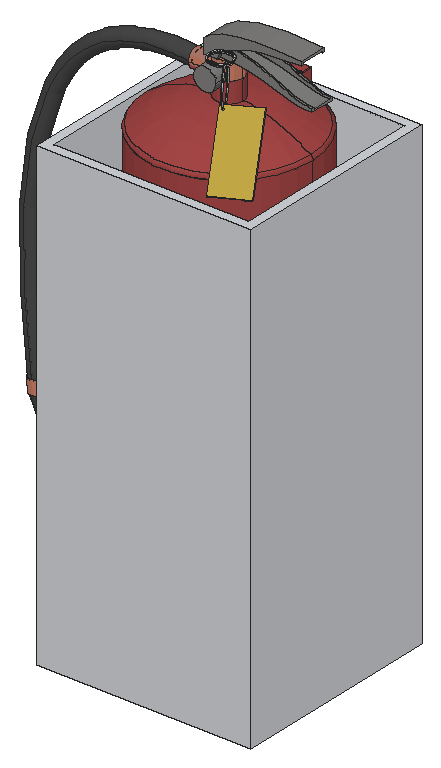
Revit family "Огнетушитель", category Оборудование, Revit 2017
Family settings
  Размер круглого соединителя = Использовать диаметр
  Тип детали = Нормальный
  На основе рабочей плоскости = Нет
  Всегда вертикально = Да
  При загрузке вырезать с полостями = Нет
  Общий = Нет
  Точка расчета площади = Нет
Parameters (values of type "Тип")
  Общ_Тип, марка = ""
  Общ_Примечание КР [instance] = ""
  Общ_Примечание АР [instance] = ""
  Общ_Примечание = ""
  Общ_Поставщик = ""
  Общ_Позиция = ""
  Общ_Наименование = "Огнетушитель углекислотный, 10л"
  Общ_Масса = ""
  Общ_Код продукции = ""
  Общ_Единицы измерения = "шт."
  Keynote = ""
  Model = ""
Reference planes
  plane 1 "По центру (Вперед/Назад)": y = 0
  plane 2: z = 0
  plane 3 "По центру (Влево/Вправо)": x = 0
  plane 4: z = 510
  plane 5: z = 540
Forms (mm)
  Revolve 1, solid, material "Paint_Red Glossy_ Fire Extinguisher"
    sketch origin (0, 0, -590) x (1, 0, 0) y (0, 0, 1)
      loop
        line (-90, 1097.109) -> (-90, 632.824)
        arc (-90, 632.824) -> (-89.862, 632.128) -> (-89.467, 631.538) r 1.819
        line (-89.467, 631.538) -> (-87.879, 629.95)
        arc (-87.879, 629.95) -> (-87.293, 628.536) -> (-87.879, 627.121) r 2
        line (-87.879, 627.121) -> (-89.707, 625.293)
        arc (-89.707, 625.293) -> (-89.924, 624.968) -> (-90, 624.586) r 1
        line (-90, 624.586) -> (-90, 600) -> (0, 600) -> (0, 1130)
        arc (0, 1130) -> (-46.302, 1123.641) -> (-87.661, 1101.875) r 135
        arc (-87.661, 1101.875) -> (-89.384, 1099.764) -> (-90, 1097.109) r 6.026
      axis (0, 600) -> (0, 1130)
    angle from 0 to 360
  Extrusion 2, solid, material "Paint_Red Glossy_ Fire Extinguisher"
    sketch origin (0, 0, -590) x (1, 0, 0) y (0, 1, 0)
      loop
        circle (0, 0) r 15
    from 1127.973 to 1150.648
  Extrusion 3, solid, material "Steel", detail levels fine
    sketch origin (0, 0, -594.405) x (1, 0, 0) y (0, 0, 1)
      loop
        line (-15, 1174.567) -> (0, 1174.567)
        spline (0, 1174.567) -> (1.015, 1178.161) -> (3.209, 1181.486) -> (6.583, 1184.543) -> (11.135, 1187.332) -> (16.867, 1189.853) -> (23.777, 1192.105) -> (31.867, 1194.089) -> (41.135, 1195.805) -> (51.583, 1197.253) -> (63.209, 1198.433) -> (76.015, 1199.344) -> (90, 1199.987)
        line (90, 1199.987) -> (90, 1203.784)
        spline (90, 1203.784) -> (75.98, 1204.535) -> (62.919, 1204.94) -> (50.815, 1205) -> (39.67, 1204.715) -> (29.483, 1204.084) -> (20.254, 1203.108) -> (11.983, 1201.787) -> (4.67, 1200.12) -> (-1.685, 1198.108) -> (-7.081, 1195.751) -> (-11.52, 1193.048) -> (-15, 1190)
        line (-15, 1190) -> (-15, 1174.567)
    from -15.076 to 15.073
  Extrusion 4, void
    sketch origin (0, 0, -590) x (1, 0, 0) y (0, 0, 1)
      loop
        line (-13, 1184.299) -> (-13, 1170.162) -> (90, 1170.162) -> (90, 1197.399)
        spline (90, 1197.399) -> (76.077, 1198.144) -> (63.114, 1198.546) -> (51.115, 1198.605) -> (40.08, 1198.323) -> (30.013, 1197.701) -> (20.916, 1196.739) -> (12.792, 1195.44) -> (5.649, 1193.813) -> (-0.501, 1191.866) -> (-5.653, 1189.614) -> (-9.815, 1187.082) -> (-13, 1184.299)
    from -13.076 to 13.073
  Extrusion 5, solid, material "Steel", detail levels fine
    sketch origin (0, 0, -590) x (1, 0, 0) y (0, 0, 1)
      loop
        line (-13, 1180.162) -> (-13, 1170.162)
        spline (-13, 1170.162) -> (-0.524, 1171.225) -> (11.637, 1171.031) -> (23.411, 1169.822) -> (34.726, 1167.839) -> (45.508, 1165.326) -> (55.686, 1162.523) -> (65.186, 1159.672) -> (73.936, 1157.016) -> (81.864, 1154.795) -> (88.897, 1153.253) -> (94.963, 1152.63) -> (99.989, 1153.17)
        line (99.989, 1153.17) -> (99.989, 1156.864)
        spline (99.989, 1156.864) -> (91.903, 1157.66) -> (83.589, 1159.819) -> (75.042, 1162.993) -> (66.258, 1166.838) -> (57.234, 1171.005) -> (47.965, 1175.151) -> (38.448, 1178.927) -> (28.679, 1181.989) -> (18.653, 1183.989) -> (8.367, 1184.582) -> (-2.182, 1183.422) -> (-13, 1180.162)
    from -13.076 to 13.073
  Extrusion 6, void
    sketch origin (0, 0, -590) x (1, 0, 0) y (0, 0, 1)
      loop
        spline (-11, 1172.439) -> (1.508, 1173.276) -> (13.672, 1172.905) -> (25.418, 1171.569) -> (36.674, 1169.505) -> (47.372, 1166.952) -> (57.441, 1164.146) -> (66.809, 1161.323) -> (75.399, 1158.72) -> (83.129, 1156.573) -> (89.893, 1155.109) -> (95.566, 1154.542) -> (99.989, 1155.017)
        line (99.989, 1155.017) -> (99.989, 1189.517) -> (-11, 1184.392) -> (-11, 1172.439)
    from -11.617 to 11.604
  Extrusion 7, solid, material "Steel", detail levels fine
    sketch origin (0, 0, -584.477) x (1, 0, 0) y (0, 0, 1)
      loop
        circle (0, 1152.686) r 11.953
    from 20.26 to 32.239
  Extrusion 8, solid, material "Copper", detail levels fine
    sketch origin (0, 0, -590) x (1, 0, 0) y (0, 0, 1)
      loop
        circle (0, 1158.359) r 5
    from -27.913 to 20.26
  Extrusion 9, solid, material "Copper", detail levels fine
    sketch origin (0, 0, -590) x (0, 1, 0) y (0, 0, 1)
      loop
        circle (0.002, 1153.17) r 10
    from -35.279 to -9.624
  Sweep 10, solid, material "Plastic, Opaque Black", detail levels fine
    path origin (0, 0, -590) x (1, 0, 0) y (0, 0, 1)
      loop
        spline (-32.97, 1153.363) -> (-68.436, 1154.638) -> (-100.045, 1149.935) -> (-127.799, 1139.252) -> (-151.697, 1122.59) -> (-171.74, 1099.949) -> (-187.926, 1071.329) -> (-200.257, 1036.73) -> (-208.732, 996.152) -> (-213.351, 949.594) -> (-214.115, 897.058) -> (-211.023, 838.543) -> (-204.075, 774.048)
    profile origin (-187.926, 0, 481.329) x (0.91155, 0, -0.41119) y (0, -1, 0)
      loop
        circle (0, 0) r 9
  Extrusion 11, solid, material "Copper", detail levels fine
    sketch origin (-204.075, 0, 184.048) x (0, -1, 0) y (-0.994929, 0, -0.100579)
      loop
        circle (0, 0.105) r 10
    from -12.66 to 1.782
  Revolve 12, solid, material "Plastic, Opaque Black", detail levels fine
    sketch origin (0, 0, -590) x (1, 0, 0) y (0, 0, 1)
      loop
        line (-204, 772.265) -> (-213.089, 771.346) -> (-202.995, 742.032) -> (-200.944, 742.032) -> (-204, 772.265)
      axis (-204, 772.265) -> (-200.944, 742.032)
    angle from 0 to 360
  Extrusion 13, solid, material "Copper", detail levels fine
    sketch origin (0, 0, -570.486) x (1, 0, 0) y (0, 1, 0)
      loop
        circle (0, 0) r 15
    from 1131.134 to 1150.648
  Extrusion 14, solid, material "Paint_Red Glossy_ Fire Extinguisher", detail levels fine
    sketch origin (7.685, -3.69, -590) x (0, 1, 0) y (0, 0, 1)
      loop
        line (85.092, 1102.021) -> (85.092, 1127.021) -> (75.092, 1127.021) -> (70.684, 1102.021) -> (85.092, 1102.021)
    from 12.787 to 14.815
  Extrusion 15, solid, material "Paint_Red Glossy_ Fire Extinguisher", detail levels fine
    sketch origin (-7.685, -3.69, -590) x (0, 1, 0) y (0, 0, -1)
      loop
        line (85.092, -1102.021) -> (70.684, -1102.021) -> (75.092, -1127.021) -> (85.092, -1127.021) -> (85.092, -1102.021)
    from 12.787 to 14.815
  Extrusion 16, solid, material "Paint_Red Glossy_ Fire Extinguisher", detail levels fine
    sketch origin (0, 0, -590) x (1, 0, 0) y (0, 1, 0)
      loop
        line (-22.5, 81.401) -> (-22.5, 71.401) -> (22.5, 71.401) -> (22.5, 81.401) -> (-22.5, 81.401)
    from 1127.021 to 1128.075
  Sweep 17, solid, detail levels fine
    path origin (-17.145, 4.017, 589.139) x (1, 0, 0) y (0, 1, 0)
      loop
        circle (28.736, -29.722) r 12
    profile origin (11.592, -13.706, 589.139) x (0, -1, 0) y (0, 0, 1)
      loop
        circle (0, 0) r 0.5
  Sweep 18, solid, detail levels fine
    path origin (-17.145, 4.017, 590.418) x (1, 0, 0) y (0, 1, 0)
      loop
        circle (28.736, -29.722) r 12
    profile origin (11.592, -13.706, 590.418) x (0, -1, 0) y (0, 0, 1)
      loop
        circle (0, 0) r 0.5
  Sweep 19, solid, detail levels fine
    path origin (9.02, -10.792, 600.912) x (0, 0, -1) y (-0.515038, 0.857167, 0)
      loop
        circle (28.736, -29.722) r 20
    profile origin (14.027, -19.126, 572.176) x (0.515038, -0.857167, 0) y (0.857167, 0.515038, 0)
      loop
        circle (0, 0) r 0.5
  Extrusion 20, solid, material "Steel, Paint Finish, Ivory, Glossy", detail levels fine
    sketch origin (-86.786, -83.272, 570.57) x (0.898794, 0.438304, 0.007651) y (-0.287597, 0.576401, 0.764886)
      loop
        line (117.19, -18.191) -> (117.19, -98.191) -> (157.19, -98.191) -> (157.19, -18.191) -> (117.19, -18.191)
    from 0 to 0.8
  Extrusion 21, solid
    sketch origin (0, 0, 0) x (1, 0, 0) y (0, 1, 0)
      loop
        line (-105, -105) -> (105, -105) -> (105, 105) -> (-105, 105) -> (-105, -105)
      loop
        line (-115, 115) -> (-115, -115) -> (115, -115) -> (115, 115) -> (-115, 115)
    from 0 to 500
  Extrusion 22, solid
    sketch origin (0, 0, 0) x (1, 0, 0) y (0, 1, 0)
      loop
        line (-105, 105) -> (-105, -105) -> (105, -105) -> (105, 105) -> (-105, 105)
    from 0 to 10
Cuts and joins
  Extrusion 4 cuts Extrusion 3
  Extrusion 6 cuts Extrusion 5
Dimensions and locks
  aligned and locked: level to plane 2
